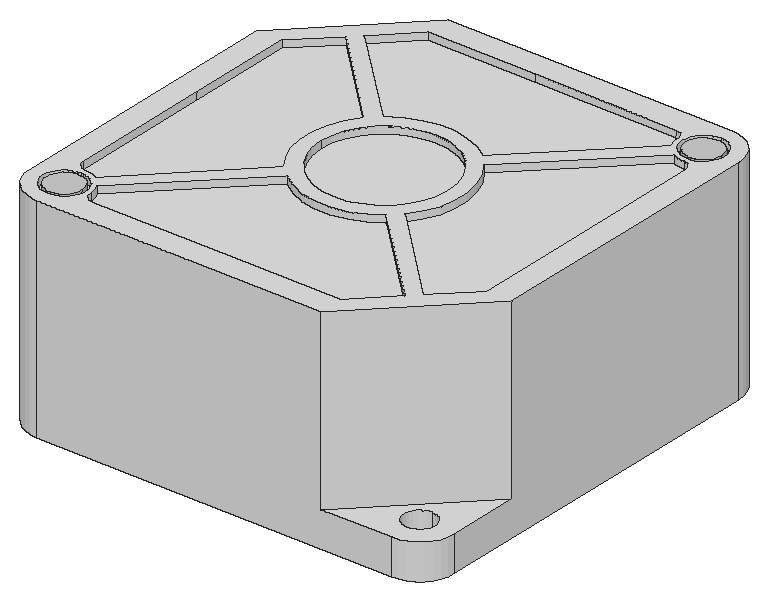
Revit family "Korobka raspredelitelnaya KR60kh60kh30", category Датчики, Revit 2023
Family settings
  Размер круглого соединителя = Использовать диаметр
  Тип детали = Нормальный
  Номер OmniClass = 23.80.00.00
  Заголовок OmniClass = Electric Power and Lighting
  На основе рабочей плоскости = Нет
  Всегда вертикально = Да
  При загрузке вырезать с полостями = Нет
  Сохранять ориентацию аннотаций = Нет
  Общий = Нет
  Точка принадлежности помещению = Нет
Parameters (values of type "Коробка распределительная КР60х60х30")
  Условия эксплуатации = "Температура окружающей среды от -60°С до +85°С, относительная влажность не более 93% при температуре 40°С"
  Срок службы = "не менее 10 лет"
  Отметка по умолчанию = 0 mm
  Описание = "Коробка распределительная КР60х60х30, IP65 предназначена для соединения (разветвления) электрических проводок сигнальных кабелей, например в шлейфах сигнализации, линиях связи и телекоммуникаций, цепях в системах управления и автоматики, а также подключения в шлейфы оконечных устройств и т.п."
  Метизы = Металл
  Кабельные вводы = no
  Изготовитель = "ООО НПП \"Магнито-Контакт\""
  URL = "https://m-kontakt.ru/produkt/kommutacyonnye/kr"
  ADSK_Размер_Ширина = 60 mm
  ADSK_Размер_Длина = 60 mm
  ADSK_Размер_Высота = 30 mm
  ADSK_Примечание = "Степень защиты от внешних воздействий по ГОСТ 14254 IP65"
  ADSK_Обозначение = "АТФЕ.685552.178"
  ADSK_Наименование = "Коробка распределительная КР60х60х30 IP65"
  ADSK_Материал = Пластик белый
  ADSK_Масса = 0.2
  ADSK_Завод-изготовитель = "ООО НПП «МАГНИТО-КОНТАКТ»"
  ADSK_Единица измерения = "шт."
Types (3, lengths in mm): name | Кабельные вводы | ADSK_Размер_Ширина | ADSK_Размер_Длина
  (no name) | no | 60 | 60
  Коробка распределительная КР60х60х30 | no | 60 | 60
  Коробка распределительная КР60х60х30 с кабельными вводами | yes | 106 | 106
Reference planes
  plane 1 "По центру (Вперед/Назад)": y = 0
  plane 2: z = 0
  plane 3 "По центру (Влево/Вправо)": x = 0
Forms (mm)
  Extrusion 1, solid, material "Пластик белый" <- "ADSK_Материал"
    sketch origin (-0.085, -0.054, 2) x (1, 0, 0) y (0, 1, 0)
      loop
        arc (-25, 30) -> (-28.536, 28.536) -> (-30, 25) r 5
        line (-30, 25) -> (-30, -25)
        arc (-30, -25) -> (-28.536, -28.536) -> (-25, -30) r 5
        line (-25, -30) -> (25, -30)
        arc (25, -30) -> (28.536, -28.536) -> (30, -25) r 5
        line (30, -25) -> (30, 25)
        arc (30, 25) -> (28.536, 28.536) -> (25, 30) r 5
        line (25, 30) -> (-25, 30)
    from 0 to 30
  Revolve 2, solid, material "Пластик белый" <- "ADSK_Материал", visible <- "Кабельные вводы"
    sketch origin (-0.085, -0.054, 12.813) x (1, 0, 0) y (0, 1, 0)
      loop
        line (0, 36.066) -> (0, 53) -> (-4.017, 53)
        spline (-4.017, 53) -> (-4.419, 52.975) -> (-4.786, 52.902) -> (-5.118, 52.779) -> (-5.414, 52.607) -> (-5.676, 52.386) -> (-5.903, 52.116) -> (-6.095, 51.797) -> (-6.253, 51.429) -> (-6.375, 51.012) -> (-6.462, 50.546) -> (-6.515, 50.03) -> (-6.532, 49.466)
        arc (-6.532, 49.466) -> (-6.859, 49.219) -> (-6.984, 48.829) r 0.675
        line (-6.984, 48.829) -> (-6.984, 40.032) -> (-5.674, 40.032) -> (-5.674, 36.066) -> (0, 36.066)
      loop
        line (0, 31.403) -> (-8.2, 31.403) -> (-8.2, 30) -> (0, 30) -> (0, 31.403)
      axis (0, 30) -> (0, 53)
    angle from 0 to 360
  Extrusion 3, solid, material "Пластик белый" <- "ADSK_Материал", visible <- "Кабельные вводы"
    sketch origin (-0.085, -0.054, 0) x (1, 0, 0) y (0, 0, 1)
      loop
        line (0, 21.005) -> (-7.095, 16.909) -> (-7.095, 8.716) -> (0, 4.62) -> (7.095, 8.716) -> (7.095, 16.909) -> (0, 21.005)
    from -36.066 to -31.403
  Revolve 4, solid, material "Пластик белый" <- "ADSK_Материал", visible <- "Кабельные вводы"
    sketch origin (-0.085, -0.054, 12.813) x (1, 0, 0) y (0, 1, 0)
      loop
        line (0, -36.066) -> (-5.674, -36.066) -> (-5.674, -40.032) -> (-6.984, -40.032) -> (-6.984, -48.829)
        arc (-6.984, -48.829) -> (-6.859, -49.219) -> (-6.532, -49.466) r 0.675
        spline (-6.532, -49.466) -> (-6.515, -50.03) -> (-6.462, -50.546) -> (-6.375, -51.012) -> (-6.253, -51.429) -> (-6.095, -51.797) -> (-5.903, -52.116) -> (-5.676, -52.386) -> (-5.414, -52.607) -> (-5.118, -52.779) -> (-4.786, -52.902) -> (-4.419, -52.975) -> (-4.017, -53)
        line (-4.017, -53) -> (0, -53) -> (0, -36.066)
      loop
        line (0, -31.403) -> (0, -30) -> (-8.2, -30) -> (-8.2, -31.403) -> (0, -31.403)
      axis (0, -30) -> (0, -53)
    angle from 0 to 360
  Extrusion 5, solid, material "Пластик белый" <- "ADSK_Материал", visible <- "Кабельные вводы"
    sketch origin (-0.085, -0.054, 0) x (1, 0, 0) y (0, 0, -1)
      loop
        line (0, -21.005) -> (7.095, -16.909) -> (7.095, -8.716) -> (0, -4.62) -> (-7.095, -8.716) -> (-7.095, -16.909) -> (0, -21.005)
    from -36.066 to -31.403
  Revolve 6, solid, material "Пластик белый" <- "ADSK_Материал", visible <- "Кабельные вводы"
    sketch origin (-0.085, -0.054, 12.813) x (0, -1, 0) y (1, 0, 0)
      loop
        line (0, -36.066) -> (-5.674, -36.066) -> (-5.674, -40.032) -> (-6.984, -40.032) -> (-6.984, -48.829)
        arc (-6.984, -48.829) -> (-6.859, -49.219) -> (-6.532, -49.466) r 0.675
        spline (-6.532, -49.466) -> (-6.515, -50.03) -> (-6.462, -50.546) -> (-6.375, -51.012) -> (-6.253, -51.429) -> (-6.095, -51.797) -> (-5.903, -52.116) -> (-5.676, -52.386) -> (-5.414, -52.607) -> (-5.118, -52.779) -> (-4.786, -52.902) -> (-4.419, -52.975) -> (-4.017, -53)
        line (-4.017, -53) -> (0, -53) -> (0, -36.066)
      loop
        line (0, -31.403) -> (0, -30) -> (-8.2, -30) -> (-8.2, -31.403) -> (0, -31.403)
      axis (0, -30) -> (0, -53)
    angle from 0 to 360
  Extrusion 7, solid, material "Пластик белый" <- "ADSK_Материал", visible <- "Кабельные вводы"
    sketch origin (-0.085, -0.054, 0) x (0, -1, 0) y (0, 0, -1)
      loop
        line (0, -21.005) -> (7.095, -16.909) -> (7.095, -8.716) -> (0, -4.62) -> (-7.095, -8.716) -> (-7.095, -16.909) -> (0, -21.005)
    from -36.066 to -31.403
  Revolve 8, solid, material "Пластик белый" <- "ADSK_Материал", visible <- "Кабельные вводы"
    sketch origin (-0.085, -0.054, 12.813) x (0, -1, 0) y (1, 0, 0)
      loop
        line (0, 36.066) -> (0, 53) -> (-4.017, 53)
        spline (-4.017, 53) -> (-4.419, 52.975) -> (-4.786, 52.902) -> (-5.118, 52.779) -> (-5.414, 52.607) -> (-5.676, 52.386) -> (-5.903, 52.116) -> (-6.095, 51.797) -> (-6.253, 51.429) -> (-6.375, 51.012) -> (-6.462, 50.546) -> (-6.515, 50.03) -> (-6.532, 49.466)
        arc (-6.532, 49.466) -> (-6.859, 49.219) -> (-6.984, 48.829) r 0.675
        line (-6.984, 48.829) -> (-6.984, 40.032) -> (-5.674, 40.032) -> (-5.674, 36.066) -> (0, 36.066)
      loop
        line (0, 31.403) -> (-8.2, 31.403) -> (-8.2, 30) -> (0, 30) -> (0, 31.403)
      axis (0, 30) -> (0, 53)
    angle from 0 to 360
  Extrusion 9, solid, material "Пластик белый" <- "ADSK_Материал", visible <- "Кабельные вводы"
    sketch origin (-0.085, -0.054, 0) x (0, -1, 0) y (0, 0, 1)
      loop
        line (0, 21.005) -> (-7.095, 16.909) -> (-7.095, 8.716) -> (0, 4.62) -> (7.095, 8.716) -> (7.095, 16.909) -> (0, 21.005)
    from -36.066 to -31.403
  Extrusion 10, solid, material "Пластик белый" <- "ADSK_Материал", detail levels medium+fine
    sketch origin (-0.085, -0.054, 0) x (1, 0, 0) y (0, 1, 0)
      loop
        circle (-18.85, 20.41) r 1.548
      loop
        circle (18.85, 20.41) r 1.548
      loop
        circle (-18.85, -20.41) r 1.548
      loop
        circle (18.85, -20.41) r 1.548
    from 0 to 2
  Extrusion 11, void
    sketch origin (-0.085, -0.054, 32) x (0, 1, 0) y (1, 0, 0)
      loop
        line (26.5, 0) -> (26.5, 20)
        arc (26.5, 20) -> (26.078, 21.018) -> (25.06, 21.44) r 1.44
        arc (25.06, 21.44) -> (24.134, 21.559) -> (23.267, 21.91) r 3.651
        line (23.267, 21.91) -> (8.452, 7.095)
        arc (8.452, 7.095) -> (11.023, 0.027) -> (8.452, -7.04) r 11
        line (8.452, -7.04) -> (21.456, -20.044) -> (26.5, -15) -> (26.5, 0)
      loop
        line (0, -26.5) -> (15, -26.5) -> (20.017, -21.483) -> (7.01, -8.477)
        arc (7.01, -8.477) -> (-0.055, -11.046) -> (-7.12, -8.477) r 11
        line (-7.12, -8.477) -> (-21.898, -23.256)
        arc (-21.898, -23.256) -> (-21.533, -24.142) -> (-21.408, -25.092) r 3.683
        arc (-21.408, -25.092) -> (-20.996, -26.088) -> (-20, -26.5) r 1.408
        line (-20, -26.5) -> (0, -26.5)
      loop
        line (0, 26.5) -> (-15, 26.5) -> (-20.044, 21.456) -> (-7.07, 8.482)
        arc (-7.07, 8.482) -> (-0.033, 11.028) -> (7.004, 8.482) r 11
        line (7.004, 8.482) -> (21.858, 23.336)
        arc (21.858, 23.336) -> (21.523, 24.185) -> (21.409, 25.091) r 3.651
        arc (21.409, 25.091) -> (20.996, 26.087) -> (20, 26.5) r 1.409
        line (20, 26.5) -> (0, 26.5)
      loop
        line (-26.5, 0) -> (-26.5, -20)
        arc (-26.5, -20) -> (-26.087, -20.997) -> (-25.091, -21.409) r 1.409
        arc (-25.091, -21.409) -> (-24.184, -21.523) -> (-23.334, -21.855) r 3.683
        line (-23.334, -21.855) -> (-8.482, -7.004)
        arc (-8.482, -7.004) -> (-11.005, 0.006) -> (-8.482, 7.015) r 11
        line (-8.482, 7.015) -> (-21.483, 20.017) -> (-26.5, 15) -> (-26.5, 0)
      loop
        circle (25.06, 25.091) r 2.993
      loop
        circle (-25.091, -25.092) r 2.986
      loop
        circle (0.023, 0.027) r 8.987
    from 0 to 1
  Extrusion 12, void
    sketch origin (-0.085, -0.054, 32) x (0, 1, 0) y (1, 0, 0)
      loop
        circle (25, -25) r 2.2
      loop
        circle (-25, 25) r 2.2
    from 0 to 32
  Extrusion 13, void
    sketch origin (-0.085, -0.054, 32) x (0, 1, 0) y (1, 0, 0)
      loop
        line (30, -25) -> (30, -15) -> (15, -30) -> (25, -30) -> (30, -30) -> (30, -25)
      loop
        line (-25, 30) -> (-30, 30) -> (-30, 15) -> (-15, 30) -> (-25, 30)
    from 0 to 25
  Extrusion 14, solid, material "Металл" <- "Метизы"
    sketch origin (-0.085, -0.054, 32) x (1, 0, 0) y (0, 1, 0)
      loop
        circle (25.091, 25.018) r 2.5
      loop
        circle (-25.092, -25.091) r 2.5
    from -1 to 0
Cuts and joins
  Extrusion 11, Extrusion 12, Extrusion 13 cuts Extrusion 1
Dimensions and locks
  aligned and locked: level to plane 2
  aligned and locked: Extrusion 10 to plane 2
Connectors
  electrical at (-0.085, -0.054, 2), driven by "Кабельные вводы"
    settings: on cut or joined group of Extrusion 1, Extrusion 11, Extrusion 12, Extrusion 13, index 1, voltage 0 V, apparent load 0 VA, apparent load phase1 0 VA, apparent load phase2 0 VA, apparent load phase3 0 VA, power factor 1, load classification "Прочее", number of poles 1, system type 10, power factor state 1, is connector primary yes, connector utility no, sub classification motor no, connector description ""
